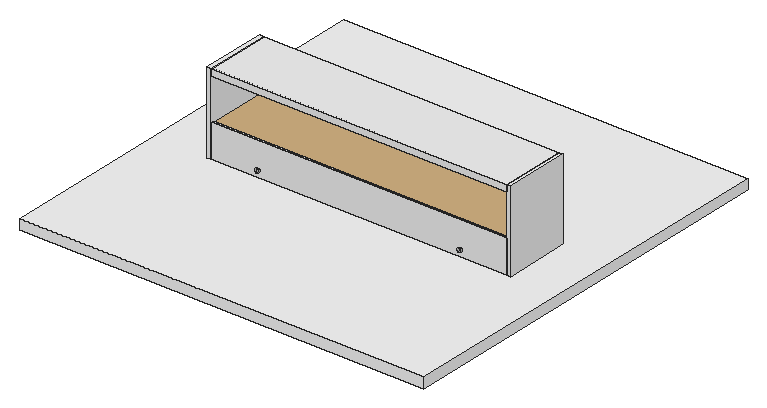
Revit family "BE_50818.4_de_DE", category Leuchten, Revit 2020
Family settings
  Basisbauteil = Fläche
  Bemaßung runder Anschluss = Durchmesser verwenden
  Teiletyp = Normal
  Beim Laden mit Abzugskörper schneiden = Ja
  Lichtquelle = Ja
  Gemeinsam genutzt = Nein
  Raumberechnungspunkt = Ja
Parameters (values of type "BEGA_50818.4_K3")
  built-in parameter 1150104 = 14.486 (stored number, unit not read)
  Wattage = 11.8 W
  Default Elevation = 0 mm
  built-in parameter 1150113 = 1 (stored number, unit not read)
  built-in parameter 1114218 = 1 (stored number, unit not read)
  Umgebungstemperatur = "25 °C"
  URL = "https://www.bega.com/de/produkt/50818.4"
  Typenkommentare = "© 2023 BEGA. Wir behalten uns das Recht vor, technische Änderungen ohne vorherige Ankündigung vorzunehmen."  # constant formula
  built-in parameter 1150134 = (empty or 0)
  built-in parameter 1150109 = 1 (stored number, unit not read)
  built-in parameter 1150110 = 1 (stored number, unit not read)
  Spannung = 239.996 V
  Sonderanfertigung = no
  Seriennummer [instance] = "Hier können Sie die eindeutige Seriennummer für das Facility Management eintragen."
  Schutzklasse = "I"
  Schutzart = "IP 20"
  Scheinlast = 0 VA
  Produktdatenblatt = "https://cdn.bega.com/bega/products/50818.4K3/current/documents/data-sheets/de"
  Neigungswinkel = 0.00°
  Modell = "50818.4K3"
  Material_34 = BEGA_Oberfläche_Samtweiss_matt
  Material_31 = BEGA_Oberfläche_Messing_matt
  Material_15 = BEGA_Leuchtmedium_matt
  Material_13 = BEGA_Kunststoff_matt
  Material_06 = BEGA_Oberfläche_Edelstahl_gebürstet
  Material_05 = BEGA_Oberfläche_Aluminium Guss
  Material_04 = BEGA_Kunststoff_Grafit_matt
  M_W = no
  M_G = no
  M_A = no
  Logo = 0
  built-in parameter 1114217 = 1 (stored number, unit not read)
  built-in parameter 1150139 = (empty or 0)
  built-in parameter 1150105 = 146.42 (stored number, unit not read)
  built-in parameter 1150114 = 1 (stored number, unit not read)
  Lumens = 1839.97 lm
  built-in parameter 1150115 = 1 (stored number, unit not read)
  Leuchtenlichtstrom = "778 lm"
  Lebensdauerkriterien = "L70B50 @ 25 °C = 200000 h"
  Lastklassifizierung = Beleuchtung
  built-in parameter 1150112 = 1 (stored number, unit not read)
  Lampenlichtstrom = "1840 lm"
  Lampe = "LED 11.8 W"
  LED_Modulbezeichnung = "LED-0393/930"
  Hersteller = "BEGA"  # constant formula
  Gewicht = "0.9 kg"
  Frequenz = "0/50-60 Hz"
  Farbwiedergabeindex = "CRI > 90"
  Farbtemperaturverschiebung bei Dämpfen der Lampe = <Keine Auswahl>
  Farbtemperatur = "3000 K"
  Color Filter = 16777215
  built-in parameter 1150133 = 10 (stored number, unit not read)
  Energieeffizienzklasse = "LED A++ - A"
  built-in parameter 1150137 = (empty or 0)
  built-in parameter 1150132 = (empty or 0)
  ENEC = "ja"
  Dimmbar [instance] = "on/off"
  Datei für fotometrisches Netz = "BE_50818-4K3.ies"
  CE_Konformität = "ja"
  Bestellnummer = "50818.4K3"
  Beschreibung_Sonderanfertigung = "Hier können Sie Informationen zur Sonderanfertigung eintragen."
  Beschreibung = "Wandleuchte"
  built-in parameter 1150106 = 1.4642 (stored number, unit not read)
  Befestigungsbohrung = "Ø 4,5 mm"
  Befestigungsabstand = "210 mm"
  BEGA_Intern_aus = yes
  BEGA_Intern_an = yes
  BEGA_Intern_Konstruktion = yes
  BEGA_Intern = yes
  BEGA_IES = yes
  BEGA_Dummy = no
  Anschlussleistung [instance] = "13.7 W"
  built-in parameter 1150107 = 3000 (stored number, unit not read)
  built-in parameter 1150102 = (empty or 0)
  built-in parameter 1150138 = (empty or 0)
  Aktualisierung = "2023-06-05T04:00:02"
  AC/DC = "AC/DC"
Reference planes
  plane 1 "Mitte (Vorne/Hinten)": y = 0
  plane 2: z = 0
  plane 3 "Mitte (Links/Rechts)": x = 0
  plane 4 "Links": x = -147
  plane 5 "Rechts": x = 153
  plane 6 "Unten": y = -35.672
  plane 7 "Oben": y = 30.329
  plane 8 "Vorne": z = 80
  plane 9 "Hinten": z = 0
Forms (mm)
  Extrusion 1, solid, material "BEGA_Platte_Weiss"
    sketch origin (0, -1119.2, 0) x (1, 0, 0) y (0, 1, 0)
      loop
        line (-200, 1319.2) -> (-200, 919.2) -> (200, 919.2) -> (200, 1319.2) -> (-200, 1319.2)
    from 0 to -10
  Extrusion 2, solid, material "BEGA_Dummy_matt", visible <- "BEGA_Dummy"
    sketch origin (80.095, -76.023, 0) x (1, 0, 0) y (0, 1, 0)
      loop
        line (-227.095, 106.352) -> (-227.095, 40.351) -> (72.905, 40.351) -> (72.905, 106.352) -> (-227.095, 106.352)
    from 0 to 80
Dimensions and locks
  plane 1 "Mitte (Vorne/Hinten)" to Extrusion 1 = 200 mm
  aligned and locked: Extrusion 1 to plane 2
  aligned and locked: Extrusion 1 to level
Nested families
  nested 1: "BE_50818.4_Leuchte" at (0, 0, 0), type "BEGA_50818.2_K3"
Connectors
  electrical at (0, 0, 0), driven by "Lastklassifizierung", driven by "Spannung", driven by "Scheinlast"
    settings: index 1, voltage 239.996 V, apparent load 0 VA, apparent load phase1 0 VA, apparent load phase2 0 VA, apparent load phase3 0 VA, power factor 1, load classification "Beleuchtung", number of poles 1, system type 31, power factor state 1, is connector primary yes, connector utility no, sub classification motor no, connector description ""
Definition of nested family "BE_50818.4_Leuchte"
  Parameters (values of type "BEGA_50818.2_K3")
    Default Elevation = 1 mm
    URL = "https://www.bega.com/de/produkt/50818.2"
    Type Comments = "© 2015 BEGA. Wir behalten uns das Recht vor, technische Änderungen ohne vorherige Ankündigung vorzunehmen. "  # constant formula
    Type Image = (empty or 0)
    Material_34 = none
    Material_31 = none
    Material_15 = none
    Material_13 = none
    Material_06 = none
    Material_05 = none
    Material_04 = none
    Länge_Platte = 350 mm  # constant formula
    Höhe_Platte = -10 mm  # constant formula
    Manufacturer = "BEGA"  # constant formula
    Breite_Platte = 200 mm  # constant formula
  Reference planes
    plane 1 "Mitte (Oben/Unten)": y = 0
    plane 2: z = 0
    plane 3 "Mitte (Links/Rechts)": x = 0
    plane 4: z = 80
    plane 5: y = -35.672
    plane 6: y = 30.329
    plane 7: x = 153
    plane 8: x = -147
  Forms (mm)
    Extrusion 1, solid, detail levels medium
      sketch origin (0, 0, 0) x (1, 0, 0) y (0, 1, 0)
        loop
          line (-175, 100) -> (-175, -100) -> (175, -100) -> (175, 100) -> (-175, 100)
      from 0 to -10 <- "Höhe_Platte"
    Extrusion 2, solid, material <- "Material_05"
      sketch origin (0, 0, 0) x (0, 1, 0) y (0, 0, 1)
        loop
          line (-20, 5.5) -> (-25, 10.5) -> (-26.414, 9.086) -> (-21.715, 4.387)
          arc (-21.715, 4.387) -> (-20.739, 3.731) -> (-19.586, 3.5) r 3
          line (-19.586, 3.5) -> (19.586, 3.5)
          arc (19.586, 3.5) -> (20.737, 3.73) -> (21.712, 4.383) r 3
          line (21.712, 4.383) -> (26.414, 9.086) -> (25, 10.5) -> (20, 5.5) -> (-20, 5.5)
      from -132 to 138
    Revolve 3, solid, material <- "Material_05"
      sketch origin (-102, 0, 0) x (0, 1, 0) y (0, 0, 1)
        loop
          line (13, 3.5) -> (13, 0) -> (15, 0)
          arc (15, 0) -> (16.049, 0.297) -> (16.787, 1.101) r 2
          line (16.787, 1.101) -> (18, 3.5) -> (13, 3.5)
        axis (13, 0) -> (13, 3.5)
      angle from 0 to 360
    Revolve 4, solid, material <- "Material_05"
      sketch origin (108, 0, 0) x (0, 1, 0) y (0, 0, 1)
        loop
          line (13, 3.5) -> (13, 0) -> (15, 0)
          arc (15, 0) -> (16.049, 0.297) -> (16.787, 1.101) r 2
          line (16.787, 1.101) -> (18, 3.5) -> (13, 3.5)
        axis (13, 0) -> (13, 3.5)
      angle from 0 to 360
    Revolve 5, solid, material <- "Material_05"
      sketch origin (-102, -26, 0) x (0, 1, 0) y (0, 0, 1)
        loop
          line (13, 3.5) -> (13, 0) -> (15, 0)
          arc (15, 0) -> (16.049, 0.297) -> (16.787, 1.101) r 2
          line (16.787, 1.101) -> (18, 3.5) -> (13, 3.5)
        axis (13, 0) -> (13, 3.5)
      angle from 0 to 360
    Revolve 6, solid, material <- "Material_05"
      sketch origin (108, -26, 0) x (0, 1, 0) y (0, 0, 1)
        loop
          line (13, 3.5) -> (13, 0) -> (15, 0)
          arc (15, 0) -> (16.049, 0.297) -> (16.787, 1.101) r 2
          line (16.787, 1.101) -> (18, 3.5) -> (13, 3.5)
        axis (13, 0) -> (13, 3.5)
      angle from 0 to 360
    Extrusion 7, void
      sketch origin (0, 0, 0) x (1, 0, 0) y (0, 1, 0)
        loop
          arc (-76, 15) -> (-91, 0) -> (-76, -15) r 15
          line (-76, -15) -> (-46, -15)
          arc (-46, -15) -> (-31, 0) -> (-46, 15) r 15
          line (-46, 15) -> (-76, 15)
        loop
          line (-99.25, 2.25) -> (-104.75, 2.25)
          arc (-104.75, 2.25) -> (-107, 0) -> (-104.75, -2.25) r 2.25
          line (-104.75, -2.25) -> (-99.25, -2.25)
          arc (-99.25, -2.25) -> (-97, 0) -> (-99.25, 2.25) r 2.25
        loop
          arc (105.75, -2.75) -> (108, -5) -> (110.25, -2.75) r 2.25
          line (110.25, -2.75) -> (110.25, 2.75)
          arc (110.25, 2.75) -> (108, 5) -> (105.75, 2.75) r 2.25
          line (105.75, 2.75) -> (105.75, -2.75)
      from 3.5 to 5.5
    Extrusion 8, solid, material <- "Material_34"
      sketch origin (0, 0, 0) x (0, 1, 0) y (0, 0, 1)
        loop
          line (-34.671, 80) -> (-34.671, 74) -> (-33.171, 74) -> (-33.171, 76) -> (28.829, 75.999) -> (28.829, 73.999) -> (30.329, 73.999) -> (30.329, 79.999) -> (-34.671, 80)
        loop
          line (30.329, 33) -> (28.329, 32.999) -> (28.329, 30.999) -> (-32.671, 31) -> (-32.671, 33) -> (-34.672, 33) -> (-34.572, 0) -> (-31.672, 0) -> (-31.672, 2)
          arc (-31.672, 2) -> (-31.525, 2.354) -> (-31.172, 2.5) r 0.5
          arc (-31.172, 2.5) -> (-30.818, 2.646) -> (-30.672, 3) r 0.5
          line (-30.672, 3) -> (-30.672, 10)
          arc (-30.672, 10) -> (-30.818, 10.354) -> (-31.172, 10.5) r 0.5
          arc (-31.172, 10.5) -> (-31.525, 10.647) -> (-31.672, 11) r 0.5
          line (-31.672, 11) -> (-31.671, 29) -> (27.329, 28.999) -> (27.328, 9.999) -> (24.328, 6.999) -> (24.328, 4.999) -> (27.328, 4.999) -> (27.328, 0) -> (30.328, 0) -> (30.329, 33)
      from -143 to 149
    Extrusion 9, solid, material <- "Material_34"
      sketch origin (0, 0, 0) x (1, 0, 0) y (0, 1, 0)
        loop
          line (-147, -34.671) -> (-143, -34.671) -> (-143, 30.329) -> (-147, 30.329) -> (-147, -34.671)
        loop
          line (153, -34.671) -> (153, 30.329) -> (149, 30.329) -> (149, -34.671) -> (153, -34.671)
      from 0 to 80
    Extrusion 10, solid, material <- "Material_13"
      sketch origin (0, 0, 0) x (0, 1, 0) y (0, 0, 1)
        loop
          line (-28.209, 76) -> (-29.566, 76)
          arc (-29.566, 76) -> (-2.171, 63.747) -> (25.225, 75.999) r 36.753
          line (25.225, 75.999) -> (23.868, 75.999)
          arc (23.868, 75.999) -> (-2.171, 64.747) -> (-28.209, 76) r 35.753
      from -143 to 149
    Extrusion 11, solid, material <- "Material_04"
      sketch origin (0, 0, 0) x (0, 1, 0) y (0, 0, 1)
        loop
          line (15.629, 74.2) -> (15.629, 76) -> (-5.371, 76) -> (-5.371, 74.2) -> (15.629, 74.2)
      from -113.657 to 128.343
    Extrusion 12, solid, material <- "Material_15"
      sketch origin (0, 152.703, 0) x (1, 0, 0) y (0, 1, 0)
        loop
          line (-111.257, -153.073) -> (-111.257, -156.073) -> (-108.257, -156.073) -> (-108.257, -153.073) -> (-111.257, -153.073)
        loop
          line (-104.566, -156.073) -> (-101.566, -156.073) -> (-101.566, -153.073) -> (-104.566, -153.073) -> (-104.566, -156.073)
        loop
          line (-97.874, -156.073) -> (-94.874, -156.073) -> (-94.874, -153.073) -> (-97.874, -153.073) -> (-97.874, -156.073)
        loop
          line (-91.183, -156.073) -> (-88.183, -156.073) -> (-88.183, -153.073) -> (-91.183, -153.073) -> (-91.183, -156.073)
        loop
          line (-84.491, -156.073) -> (-81.491, -156.073) -> (-81.491, -153.073) -> (-84.491, -153.073) -> (-84.491, -156.073)
        loop
          line (-77.8, -156.073) -> (-74.8, -156.073) -> (-74.8, -153.073) -> (-77.8, -153.073) -> (-77.8, -156.073)
        loop
          line (-71.108, -156.073) -> (-68.108, -156.073) -> (-68.108, -153.073) -> (-71.108, -153.073) -> (-71.108, -156.073)
        loop
          line (-64.417, -156.073) -> (-61.417, -156.073) -> (-61.417, -153.073) -> (-64.417, -153.073) -> (-64.417, -156.073)
        loop
          line (-57.726, -156.073) -> (-54.726, -156.073) -> (-54.726, -153.073) -> (-57.726, -153.073) -> (-57.726, -156.073)
        loop
          line (-51.034, -156.073) -> (-48.034, -156.073) -> (-48.034, -153.073) -> (-51.034, -153.073) -> (-51.034, -156.073)
        loop
          line (-44.343, -156.073) -> (-41.343, -156.073) -> (-41.343, -153.073) -> (-44.343, -153.073) -> (-44.343, -156.073)
        loop
          line (-37.651, -156.073) -> (-34.651, -156.073) -> (-34.651, -153.073) -> (-37.651, -153.073) -> (-37.651, -156.073)
        loop
          line (-30.96, -156.073) -> (-27.96, -156.073) -> (-27.96, -153.073) -> (-30.96, -153.073) -> (-30.96, -156.073)
        loop
          line (-24.268, -156.073) -> (-21.268, -156.073) -> (-21.268, -153.073) -> (-24.268, -153.073) -> (-24.268, -156.073)
        loop
          line (-17.577, -156.073) -> (-14.577, -156.073) -> (-14.577, -153.073) -> (-17.577, -153.073) -> (-17.577, -156.073)
        loop
          line (-10.886, -156.073) -> (-7.886, -156.073) -> (-7.886, -153.073) -> (-10.886, -153.073) -> (-10.886, -156.073)
        loop
          line (-4.194, -156.073) -> (-1.194, -156.073) -> (-1.194, -153.073) -> (-4.194, -153.073) -> (-4.194, -156.073)
        loop
          line (2.497, -156.073) -> (5.497, -156.073) -> (5.497, -153.073) -> (2.497, -153.073) -> (2.497, -156.073)
        loop
          line (9.189, -156.073) -> (12.189, -156.073) -> (12.189, -153.073) -> (9.189, -153.073) -> (9.189, -156.073)
        loop
          line (15.88, -156.073) -> (18.88, -156.073) -> (18.88, -153.073) -> (15.88, -153.073) -> (15.88, -156.073)
        loop
          line (22.572, -156.073) -> (25.572, -156.073) -> (25.572, -153.073) -> (22.572, -153.073) -> (22.572, -156.073)
        loop
          line (29.263, -156.073) -> (32.263, -156.073) -> (32.263, -153.073) -> (29.263, -153.073) -> (29.263, -156.073)
        loop
          line (35.954, -156.073) -> (38.954, -156.073) -> (38.954, -153.073) -> (35.954, -153.073) -> (35.954, -156.073)
        loop
          line (42.646, -156.073) -> (45.646, -156.073) -> (45.646, -153.073) -> (42.646, -153.073) -> (42.646, -156.073)
        loop
          line (49.337, -156.073) -> (52.337, -156.073) -> (52.337, -153.073) -> (49.337, -153.073) -> (49.337, -156.073)
        loop
          line (56.029, -156.073) -> (59.029, -156.073) -> (59.029, -153.073) -> (56.029, -153.073) -> (56.029, -156.073)
        loop
          line (62.72, -156.073) -> (65.72, -156.073) -> (65.72, -153.073) -> (62.72, -153.073) -> (62.72, -156.073)
        loop
          line (69.412, -156.073) -> (72.412, -156.073) -> (72.412, -153.073) -> (69.412, -153.073) -> (69.412, -156.073)
        loop
          line (76.103, -156.073) -> (79.103, -156.073) -> (79.103, -153.073) -> (76.103, -153.073) -> (76.103, -156.073)
        loop
          line (82.794, -156.073) -> (85.794, -156.073) -> (85.794, -153.073) -> (82.794, -153.073) -> (82.794, -156.073)
        loop
          line (89.486, -156.073) -> (92.486, -156.073) -> (92.486, -153.073) -> (89.486, -153.073) -> (89.486, -156.073)
        loop
          line (96.177, -153.073) -> (96.177, -156.073) -> (99.177, -156.073) -> (99.177, -153.073) -> (96.177, -153.073)
        loop
          line (102.869, -156.073) -> (105.869, -156.073) -> (105.869, -153.073) -> (102.869, -153.073) -> (102.869, -156.073)
        loop
          line (109.56, -156.073) -> (112.56, -156.073) -> (112.56, -153.073) -> (109.56, -153.073) -> (109.56, -156.073)
        loop
          line (116.252, -156.073) -> (119.252, -156.073) -> (119.252, -153.073) -> (116.252, -153.073) -> (116.252, -156.073)
        loop
          line (122.943, -156.073) -> (125.943, -156.073) -> (125.943, -153.073) -> (122.943, -153.073) -> (122.943, -156.073)
      from 73.551 to 74.335
    Extrusion 13, solid, material <- "Material_31"
      sketch origin (0, 0, 0) x (0, 1, 0) y (0, 0, 1)
        loop
          line (28.129, 30.999) -> (28.129, 32.499) -> (-32.467, 32.5) -> (-32.467, 31) -> (28.129, 30.999)
      from -140.8 to 146.8
    Revolve 14, solid, material <- "Material_06"
      sketch origin (-97, 0, 0) x (0, 1, 0) y (0, 0, 1)
        loop
          line (-24.728, 6.5) -> (-25.957, 8.629) -> (-26.672, 9.214) -> (-26.672, 8.404) -> (-27.639, 8.404) -> (-28.672, 9) -> (-32.996, 9) -> (-33.71, 8.5) -> (-35.672, 8.5) -> (-35.672, 6.5) -> (-24.728, 6.5)
        axis (-24.728, 6.5) -> (-35.672, 6.5)
      angle from 0 to 360
    Revolve 15, solid, material <- "Material_06"
      sketch origin (103, 0, 0) x (0, 1, 0) y (0, 0, 1)
        loop
          line (-24.728, 6.5) -> (-25.957, 8.629) -> (-26.672, 9.214) -> (-26.672, 8.404) -> (-27.639, 8.404) -> (-28.672, 9) -> (-32.996, 9) -> (-33.71, 8.5) -> (-35.672, 8.5) -> (-35.672, 6.5) -> (-24.728, 6.5)
        axis (-24.728, 6.5) -> (-35.672, 6.5)
      angle from 0 to 360
  Cuts and joins
    Extrusion 7 cuts Extrusion 2
    Extrusion 7 cuts Revolve 3
    Extrusion 7 cuts Revolve 4
    Extrusion 7 cuts Revolve 5
    Extrusion 7 cuts Revolve 6
    joined: Extrusion 2, Revolve 3, Revolve 4, Revolve 5, Revolve 6
  Dimensions and locks
    equal spacing: Extrusion 1 sketch curve, plane 3 "Mitte (Links/Rechts)", Extrusion 1 sketch curve
    equal spacing: Extrusion 1 sketch curve, plane 1 "Mitte (Oben/Unten)", Extrusion 1 sketch curve
    "Länge_Platte": Extrusion 1 sketch curve to Extrusion 1 sketch curve
    "Breite_Platte": Extrusion 1 sketch curve to Extrusion 1 sketch curve
    plane 1 "Mitte (Oben/Unten)" to Extrusion 1 = 100 mm  (x3)
    aligned and locked: Extrusion 1 to plane 2
    aligned and locked: Extrusion 1 to level
  Automatic sketch dimensions
    level to Extrusion 2 sketch curve = 9.086 mm  (x2)
    plane 1 "Mitte (Oben/Unten)" to Extrusion 2 sketch curve = 26.414 mm
    level to Extrusion 2 sketch curve = 10.5 mm  (x2)
    Extrusion 2 sketch curve to Extrusion 2 sketch curve = 1.414 mm  (x2)
    level to Extrusion 2 sketch curve = 4.387 mm
    Extrusion 2 sketch curve to Extrusion 2 sketch curve = 4.699 mm
    level to Extrusion 2 sketch curve = 5.5 mm
    Extrusion 2 sketch curve to Extrusion 2 sketch curve = 1.715 mm
    Extrusion 2 sketch curve to Extrusion 2 sketch curve = 0.414 mm  (x2)
    level to Extrusion 2 sketch curve = 6.5 mm
    Extrusion 2 sketch curve to plane 1 "Mitte (Oben/Unten)" = 19.586 mm
    level to Extrusion 2 sketch curve = 4.383 mm
    Extrusion 2 sketch curve to Extrusion 2 sketch curve = 1.712 mm
    Extrusion 2 sketch curve to Extrusion 2 sketch curve = 5.414 mm
    Revolve 3 sketch curve to level = 0 mm
    level to Revolve 3 sketch curve = 3.5 mm
    Revolve 3 sketch curve to plane 1 "Mitte (Oben/Unten)" = 13 mm
    Revolve 3 sketch curve to Revolve 3 sketch curve = 2 mm  (x3)
    level to Revolve 3 sketch curve = 1.101 mm
    Revolve 3 sketch curve to Revolve 3 sketch curve = 1.787 mm
    Revolve 3 sketch curve to Revolve 3 sketch curve = 1.213 mm
    Revolve 3 sketch curve to Revolve 3 sketch curve = 0 mm
    Revolve 4 sketch curve to level = 0 mm
    level to Revolve 4 sketch curve = 3.5 mm
    Revolve 4 sketch curve to plane 1 "Mitte (Oben/Unten)" = 13 mm
    Revolve 4 sketch curve to Revolve 4 sketch curve = 2 mm  (x3)
    level to Revolve 4 sketch curve = 1.101 mm
    Revolve 4 sketch curve to Revolve 4 sketch curve = 1.787 mm
    Revolve 4 sketch curve to Revolve 4 sketch curve = 1.213 mm
    Revolve 4 sketch curve to Revolve 4 sketch curve = 0 mm
    Revolve 5 sketch curve to level = 0 mm
    level to Revolve 5 sketch curve = 3.5 mm
    plane 1 "Mitte (Oben/Unten)" to Revolve 5 sketch curve = 13 mm
    Revolve 5 sketch curve to Revolve 5 sketch curve = 2 mm  (x2)
    level to Revolve 5 sketch curve = 1.101 mm
    Revolve 5 sketch curve to Revolve 5 sketch curve = 1.787 mm
    Revolve 5 sketch curve to Revolve 5 sketch curve = 1.213 mm
    Revolve 5 sketch curve to Revolve 5 sketch curve = 0 mm
    Revolve 5 sketch curve to level = 2 mm
    Revolve 6 sketch curve to level = 0 mm
    level to Revolve 6 sketch curve = 3.5 mm
    plane 1 "Mitte (Oben/Unten)" to Revolve 6 sketch curve = 13 mm
    Revolve 6 sketch curve to Revolve 6 sketch curve = 2 mm  (x2)
    level to Revolve 6 sketch curve = 1.101 mm
    Revolve 6 sketch curve to Revolve 6 sketch curve = 1.787 mm
    Revolve 6 sketch curve to Revolve 6 sketch curve = 1.213 mm
    Revolve 6 sketch curve to Revolve 6 sketch curve = 0 mm
    Revolve 6 sketch curve to level = 2 mm
    plane 1 "Mitte (Oben/Unten)" to Extrusion 7 sketch curve = 0 mm  (x2)
    plane 1 "Mitte (Oben/Unten)" to Extrusion 7 sketch curve = 2.25 mm
    Extrusion 7 sketch curve to plane 3 "Mitte (Links/Rechts)" = 104.75 mm
    Extrusion 7 sketch curve to Extrusion 7 sketch curve = 5.5 mm
    Extrusion 7 sketch curve to Extrusion 7 sketch curve = 23.25 mm
    Extrusion 7 sketch curve to Extrusion 7 sketch curve = 30 mm
    Extrusion 7 sketch curve to plane 1 "Mitte (Oben/Unten)" = 2.75 mm
    plane 3 "Mitte (Links/Rechts)" to Extrusion 7 sketch curve = 105.75 mm
    Extrusion 7 sketch curve to Extrusion 7 sketch curve = 2.25 mm
    plane 1 "Mitte (Oben/Unten)" to Extrusion 7 sketch curve = 2.75 mm
    plane 1 "Mitte (Oben/Unten)" to Extrusion 7 sketch curve = 15 mm
    Extrusion 8 sketch curve to level = 0 mm  (x2)
    plane 1 "Mitte (Oben/Unten)" to Extrusion 8 sketch curve = 34.672 mm
    plane 1 "Mitte (Oben/Unten)" to Extrusion 8 sketch curve = 34.671 mm
    Extrusion 8 sketch curve to Extrusion 8 sketch curve = 0 mm  (x9)
    Extrusion 8 sketch curve to Extrusion 8 sketch curve = 0.1 mm
    Extrusion 8 sketch curve to Extrusion 8 sketch curve = 1.5 mm  (x2)
    Extrusion 8 sketch curve to Extrusion 8 sketch curve = 2 mm  (x7)
    Extrusion 8 sketch curve to Extrusion 8 sketch curve = 2.9 mm
    level to Extrusion 8 sketch curve = 2 mm
    level to Extrusion 8 sketch curve = 11 mm
    level to Extrusion 8 sketch curve = 29 mm
    Extrusion 8 sketch curve to Extrusion 8 sketch curve = 1 mm  (x2)
    Extrusion 8 sketch curve to Extrusion 8 sketch curve = 0.5 mm  (x7)
    level to Extrusion 8 sketch curve = 3 mm
    level to Extrusion 8 sketch curve = 10 mm
    level to Extrusion 8 sketch curve = 4.999 mm
    Extrusion 8 sketch curve to plane 1 "Mitte (Oben/Unten)" = 24.328 mm
    level to Extrusion 8 sketch curve = 6.999 mm
    Extrusion 8 sketch curve to Extrusion 8 sketch curve = 3 mm  (x3)
    level to Extrusion 8 sketch curve = 9.999 mm
    Extrusion 8 sketch curve to plane 1 "Mitte (Oben/Unten)" = 28.829 mm
    Extrusion 8 sketch curve to Extrusion 8 sketch curve = 41 mm  (x2)
    Extrusion 9 sketch curve to plane 1 "Mitte (Oben/Unten)" = 30.329 mm  (x2)
    Extrusion 9 sketch curve to plane 3 "Mitte (Links/Rechts)" = 147 mm
    Extrusion 9 sketch curve to Extrusion 9 sketch curve = 4 mm  (x2)
    plane 1 "Mitte (Oben/Unten)" to Extrusion 9 sketch curve = 34.671 mm  (x2)
    plane 3 "Mitte (Links/Rechts)" to Extrusion 9 sketch curve = 149 mm
    Extrusion 10 sketch curve to Extrusion 10 sketch curve = 0 mm  (x4)
    plane 1 "Mitte (Oben/Unten)" to Extrusion 10 sketch curve = 29.566 mm
    Extrusion 10 sketch curve to Extrusion 10 sketch curve = 1.357 mm  (x2)
    plane 1 "Mitte (Oben/Unten)" to Extrusion 10 sketch curve = 2.171 mm
    Extrusion 10 sketch curve to plane 1 "Mitte (Oben/Unten)" = 23.868 mm
    level to Extrusion 10 sketch curve = 75.999 mm
    plane 1 "Mitte (Oben/Unten)" to Extrusion 11 sketch curve = 5.371 mm
    Extrusion 11 sketch curve to Extrusion 11 sketch curve = 0 mm  (x2)
    Extrusion 11 sketch curve to plane 1 "Mitte (Oben/Unten)" = 15.629 mm
    level to Extrusion 11 sketch curve = 74.2 mm
    plane 1 "Mitte (Oben/Unten)" to Extrusion 12 sketch curve = 0.37 mm  (x36)
    Extrusion 12 sketch curve to plane 3 "Mitte (Links/Rechts)" = 111.257 mm
    Extrusion 12 sketch curve to Extrusion 12 sketch curve = 3 mm  (x54)
    Extrusion 12 sketch curve to Extrusion 12 sketch curve = 3.691 mm  (x34)
    Extrusion 12 sketch curve to plane 3 "Mitte (Links/Rechts)" = 1.194 mm
    plane 3 "Mitte (Links/Rechts)" to Extrusion 12 sketch curve = 2.497 mm
    plane 1 "Mitte (Oben/Unten)" to Extrusion 12 sketch curve = 3.37 mm  (x17)
    plane 1 "Mitte (Oben/Unten)" to Extrusion 13 sketch curve = 32.467 mm
    Extrusion 13 sketch curve to plane 1 "Mitte (Oben/Unten)" = 28.129 mm
    level to Extrusion 13 sketch curve = 30.999 mm
    level to Extrusion 13 sketch curve = 31 mm
    Extrusion 13 sketch curve to Extrusion 13 sketch curve = 1.5 mm  (x2)
    level to Revolve 14 sketch curve = 6.5 mm
    plane 1 "Mitte (Oben/Unten)" to Revolve 14 sketch curve = 35.672 mm
    Revolve 14 sketch curve to Revolve 14 sketch curve = 0 mm  (x4)
    Revolve 14 sketch curve to Revolve 14 sketch curve = 1.961 mm
    Revolve 14 sketch curve to Revolve 14 sketch curve = 0.714 mm  (x2)
    level to Revolve 14 sketch curve = 9 mm
    Revolve 14 sketch curve to Revolve 14 sketch curve = 4.325 mm
    Revolve 14 sketch curve to Revolve 14 sketch curve = 1.033 mm
    level to Revolve 14 sketch curve = 9.214 mm
    Revolve 14 sketch curve to Revolve 14 sketch curve = 0.967 mm
    level to Revolve 14 sketch curve = 8.629 mm
    Revolve 14 sketch curve to Revolve 14 sketch curve = 1.229 mm
    Revolve 14 sketch curve to Revolve 14 sketch curve = 0.225 mm
    Revolve 14 sketch curve to Revolve 14 sketch curve = 2 mm
    Revolve 14 sketch curve to Revolve 14 sketch curve = 0.5 mm
    level to Revolve 15 sketch curve = 6.5 mm
    plane 1 "Mitte (Oben/Unten)" to Revolve 15 sketch curve = 35.672 mm
    Revolve 15 sketch curve to Revolve 15 sketch curve = 0 mm  (x4)
    Revolve 15 sketch curve to Revolve 15 sketch curve = 1.961 mm
    Revolve 15 sketch curve to Revolve 15 sketch curve = 0.714 mm  (x2)
    level to Revolve 15 sketch curve = 9 mm
    Revolve 15 sketch curve to Revolve 15 sketch curve = 4.325 mm
    Revolve 15 sketch curve to Revolve 15 sketch curve = 1.033 mm
    level to Revolve 15 sketch curve = 9.214 mm
    Revolve 15 sketch curve to Revolve 15 sketch curve = 0.967 mm
    level to Revolve 15 sketch curve = 8.629 mm
    Revolve 15 sketch curve to Revolve 15 sketch curve = 1.229 mm
    Revolve 15 sketch curve to Revolve 15 sketch curve = 0.225 mm
    Revolve 15 sketch curve to Revolve 15 sketch curve = 2 mm
    Revolve 15 sketch curve to Revolve 15 sketch curve = 0.5 mm
